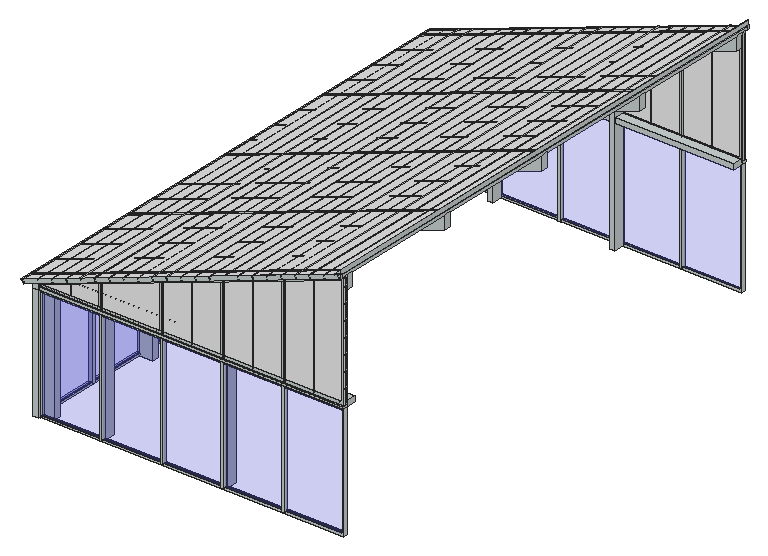
Revit family "Lean-To Shed Enclosure", category Generic Models, Revit 2018
Family settings
  Can host rebar = No
  Round Connector Dimension = Use Diameter
  Part Type = Normal
  Work Plane-Based = No
  Always vertical = Yes
  Cut with Voids When Loaded = No
  Shared = No
  Room Calculation Point = No
Parameters (values of type "KCRF Aluminum #79")
  Real Out To Out Of Box Beams Length [instance] = if(Out To Out Of Box Beam Length < 10' 0", 10' 0", if(Out To Out Of Box Beam Length > 200' 0", 200' 0", Out To Out Of Box Beam Length))  # 32' - 5"
  Out To Out Of Box Beams Span [instance] = 20' - 0"
  Vertical PD [instance] = (Real Out To Out Of Box Beam Span + 0' 9") / cos(Real Roof Pitch)  # 22' - 0.98027"
  URL = "https://www.structuresunlimitedinc.com/sui-3d-details/sui-lean-to-shed-enclosure/"
  Roof Pitch [instance] = 20.00°
  Right Gable Kalwall [instance] = yes
  Right Gable Glass [instance] = no
  Right Endwall Glass [instance] = yes
  Out To Out Of Box Beam Length [instance] = 32' - 5"
  Model = "Lean-To Shed Enclosure"
  Manufacturer = "Structures Unlimited, Inc."
  Left Gable Glass [instance] = no
  Left Endwall Glass [instance] = yes
  Gable Low Height [instance] = 0' - 3 3/4"  # constant formula
  Left Gable Kalwall [instance] = yes
  Real Roof Pitch [instance] = if(Roof Pitch < 14.04°, 14.04°, if(Roof Pitch > 45.00°, 45.00°, Roof Pitch))  # 20.00°
  Panel Offset [instance] = 0' 10" / cos(Real Roof Pitch)  # 0' - 10.64178"
  Real Out To Out Of Box Beam Span [instance] = if(Out To Out Of Box Beams Span < 10' 0", 10' 0", if(Out To Out Of Box Beams Span > 30' 0", 30' 0", Out To Out Of Box Beams Span))  # 20' - 0"
  OTOBB Length [instance] = Center To Center Of Beams + Beam Width  # 32' - 5"
  Number Of Bays Nominal [instance] = round(Center To Center Of Beams / Bay Spacing Nominal)  # 4
  Number Of Bays [instance] = if(Bay Spacing Calc > 10' 0", Number Of Bays Nominal + 1, Number Of Bays Nominal)  # 4
  Wall Height [instance] = Real Column Height - 0' 5 3/4"  # 7' - 6 1/4"
  Right Endwall Kalwall [instance] = no
  Left Endwall Kalwall [instance] = no
  KCRF = KCRF Aluminum #79
  Horizontal PD [instance] = Center To Center Of Beams + Beam Width + 1' 0"  # 33' - 5"
  Horizontal Grid Spacing [instance] = Bay Spacing / 4  # 2' - 0"
  Front Wall Kalwall [instance] = no
  Front Wall Glass [instance] = yes
  Front Glass Spacing [instance] = Bay Spacing / 2  # 4' - 0"
  Even Bays [instance] = roundup(Number Of Bays / 2) = rounddown(Number Of Bays / 2)  # yes
  Description = ""
  Real Column Height [instance] = if(Column Height < 2' 0", 2' 0", if(Column Height > 12' 0", 12' 0", Column Height))  # 8' - 0"
  Center To Center Of Beams [instance] = Real Out To Out Of Box Beams Length - Beam Width  # 32' - 0"
  Column Height [instance] = 8' - 0"
  Beam Width [instance] = 0' - 5"  # constant formula
  Beam Height [instance] = 0' - 10"  # constant formula
  Bay Spacing Nominal [instance] = 8' - 0"  # constant formula
  Bay Spacing Calc [instance] = Center To Center Of Beams / Number Of Bays Nominal  # 8' - 0"
  Bay Spacing [instance] = Center To Center Of Beams / Number Of Bays  # 8' - 0"
Reference planes (in)
  plane 1 "Center (Front/Back)": y = 0
  plane 2: z = 0
  plane 3 "Wall Plane": x = 0
  plane 4: y = -194.5
  plane 5: y = 194.5
  plane 6: x = -240
  plane 7: z = 96
  plane 8 "Roof Plane": through (-528.70083, -180, 79.10162) normal (-0.342, 0, 0.9397)
Lines and regions (in)
  reference lines
    curve 1: line (-240, 0, 96) -> (972.20348, 0, 537.20598)
    curve 2: line (-240, 0, 96) -> (-463.68117, 0, 710.55897)
    curve 3: line (-229.38059, 0, 35.70894) -> (-543.35508, 0, 898.34676)
Dimensions and locks (in)
  equal spacing: plane 5, plane 1 "Center (Front/Back)", plane 4
  "OTOBB Length": plane 5 to plane 4
  "Real Out To Out Of Box Beam Span": plane 6 to plane 3 "Wall Plane"
  "Real Column Height": plane 7 to plane 2
  locked: curve 1 to plane 6
  locked: curve 1 to plane 7
  "Panel Offset": curve 2 to curve 3
  "Gable Low Height": plane 7 to nested 8
  "Gable Low Height": plane 7 to nested 7
  "Gable Low Height": plane 7 to nested 13
  "Gable Low Height": plane 7 to nested 12
  "Real Roof Pitch": angle plane 2 to plane 8 "Roof Plane"
  "Real Roof Pitch": angle plane 2 to curve 1
  "Real Roof Pitch": angle plane 3 "Wall Plane" to curve 2
  "Real Roof Pitch": angle plane 3 "Wall Plane" to curve 3
  aligned and locked: level to plane 2
  aligned and locked: plane 1 "Center (Front/Back)" to nested 1
  aligned and locked: plane 3 "Wall Plane" to nested 1
  aligned and locked: plane 2 to nested 1
  aligned and locked: plane 1 "Center (Front/Back)" to nested 2
  aligned and locked: plane 7 to nested 2
  aligned and locked: plane 6 to nested 2
  aligned and locked: plane 1 "Center (Front/Back)" to nested 3
  aligned and locked: plane 3 "Wall Plane" to nested 3
  aligned and locked: plane 2 to nested 3
  aligned and locked: nested 4 to plane 1 "Center (Front/Back)"
  aligned and locked: plane 3 "Wall Plane" to nested 4
  aligned and locked: plane 2 to nested 4
  aligned and locked: plane 1 "Center (Front/Back)" to nested 5
  aligned and locked: nested 5 to curve 3
  aligned and locked: nested 5 to curve 1
  aligned and locked: plane 1 "Center (Front/Back)" to nested 6
  aligned and locked: plane 3 "Wall Plane" to nested 6
  aligned and locked: plane 2 to nested 6
  aligned and locked: plane 3 "Wall Plane" to nested 7
  aligned and locked: plane 3 "Wall Plane" to nested 8
  aligned and locked: nested 7 to plane 4
  aligned and locked: nested 8 to plane 5
  aligned and locked: plane 3 "Wall Plane" to nested 9
  aligned and locked: plane 3 "Wall Plane" to nested 10
  aligned and locked: nested 9 to plane 2
  aligned and locked: nested 10 to plane 2
  aligned and locked: nested 9 to plane 5
  aligned and locked: nested 10 to plane 4
  aligned and locked: nested 11 to plane 1 "Center (Front/Back)"
  aligned and locked: nested 11 to plane 2
  aligned and locked: plane 6 to nested 11
  aligned and locked: plane 3 "Wall Plane" to nested 13
  aligned and locked: plane 3 "Wall Plane" to nested 12
  aligned and locked: nested 13 to plane 5
  aligned and locked: nested 12 to plane 4
  aligned and locked: plane 3 "Wall Plane" to nested 14
  aligned and locked: plane 3 "Wall Plane" to nested 15
  aligned and locked: nested 15 to plane 2
  aligned and locked: nested 14 to plane 2
  aligned and locked: nested 14 to plane 5
  aligned and locked: nested 15 to plane 4
  aligned and locked: nested 16 to level
  aligned and locked: nested 16 to plane 1 "Center (Front/Back)"
  aligned and locked: plane 6 to nested 16
  aligned and locked: plane 1 "Center (Front/Back)" to nested 17
  aligned and locked: plane 3 "Wall Plane" to nested 17
  aligned and locked: plane 2 to nested 17
Automatic sketch dimensions
  level to curve 3 = 2' - 11.70894"
Nested families (in)
  nested 1: "Lean-To Shed Enclosure Frames" at (0, 0, 0), KCRF <- "KCRF", Bay Spacing <- "Bay Spacing", Beam Height <- "Beam Height", Beam Width <- "Beam Width", Column Height <- "Real Column Height", OTOBB Length <- "OTOBB Length", OTOBB Span <- "Real Out To Out Of Box Beam Span", Roof Pitch <- "Real Roof Pitch", Even Bays <- "Even Bays", type "Lean-To Shed Enclosure Frames"
    with Void Width 7' - 7", Void Offset 4' - 0", Roof Pitch 20.00°, OTOBB Span 20' - 0", OTOBB Length 32' - 5", KCRF KCRF Aluminum #79, Even Bays yes, Column Height 8' - 0", Beam Width 0' - 5", Beam Height 0' - 10", Bay Spacing 8' - 0"
  nested 2: "Lean-To Shed Enclosure Eave Strut" at (-244, 0, 90.25), CRF <- "KCRF", OTOBB Length <- "OTOBB Length", Roof Pitch <- "Real Roof Pitch", type "Lean-To Shed Enclosure Eave Strut"
    with Width 0' - 4", Strut Length 33' - 1", Roof Pitch 20.00°, OTOBB Length 32' - 5", CRF KCRF Aluminum #79, Back Leg Height 0' - 5 3/4"
  nested 3: "Lean-To Shed Enclosure Horizontal Beams" at (0, 0, 0), CRF <- "KCRF", Column Depth <- "Beam Height", Column Height <- "Real Column Height", Column Width <- "Beam Width", OTOBB Length <- "OTOBB Length", OTOBB Span <- "Real Out To Out Of Box Beam Span", Roof Pitch <- "Real Roof Pitch", type "Lean-To Shed Enclosure Horizontal Beams"
    with Tube Width 0' - 2", Tube Height 0' - 4", Strut Width 0' - 4", Roof Pitch 20.00°, OTOBB Span 20' - 0", OTOBB Length 32' - 5", Eave Strut Height 0' - 5 3/4", Column Width 0' - 5", Column Height 8' - 0", Column Depth 0' - 10", CRF KCRF Aluminum #79, Beam Width 0' - 4", Beam Height 0' - 8"
  nested 4: "Lean-To Shed Enclosure Ridge Cover" at (0, 0, 0) x (0, 1, 0) z (0, 0, 1), OTOBB Length <- "OTOBB Length", OTOBB Span <- "Real Out To Out Of Box Beam Span", Roof Pitch <- "Real Roof Pitch", CRF <- "KCRF", Cope Height <- "Real Column Height", type "Lean-To Shed Enclosure Ridge Cover"
    with Top Of Rafter 15' - 3.35286", Top Of RCE 0' - 6.12655", Roof Pitch 20.00°, RCE Offset 0' - 4.0651", OTOBB Span 20' - 0", OTOBB Length 32' - 5", Cover Length 33' - 5", Cope Height 8' - 0", CRF KCRF Aluminum #79
  nested 5: "Lean-To Shed Enclosure Roof Panels" at (-250, 0, 92.3603) x (0, -1, 0) z (-0.342, 0, 0.9397), CRF <- "KCRF", Bay Spacing <- "Bay Spacing", Horizontal Grid Spacing <- "Horizontal Grid Spacing", Horizontal PD <- "Horizontal PD", Vertical PD <- "Vertical PD", Even Bays <- "Even Bays", type "Lean-To Shed Enclosure Roof Panels"
    with Vertical PD 22' - 0.98027", Vertical Grid Spacing 1' - 0", Panel Skin Thickness 0' - 0.063", Panel Angle 90.00°, Overlap Width 0' - 1 3/4", Overlap Offset 0' - 0 7/8", IBeam Width 0' - 0 1/2", IBeam Thickness 0' - 2 5/8", Horizontal PD 33' - 5", Horizontal Grid Spacing 2' - 0", Half IBeam Width 0' - 0 1/4", Half Horizontal PD 16' - 8 1/2", Grid Offset 0' - 0", Even Bays yes, CRF KCRF Aluminum #79, Bay Spacing 8' - 0", Batten Width 0' - 2", Batten Thickness 0' - 0 1/8", Batten Offset 0' - 0"
  nested 6: "Lean-To Shed Enclosure Edge Cap" at (0, 0, 0), CRF <- "KCRF", Length <- "Horizontal PD", OTOBB Span <- "Real Out To Out Of Box Beam Span", Roof Pitch <- "Real Roof Pitch", Vertical Offset <- "Real Column Height", type "Lean-To Shed Enclosure Edge Cap"
    with Vertical Offset 8' - 0", Thickness 0' - 0 1/8", Span 8' - 4", Roof Pitch 20.00°, Panel Offset 0' - 10.76678", Panel Depth 0' - 2 3/4", OTOBB Span 20' - 0", Length 33' - 5", Leg Length 0' - 0 1/2", Fake OCD Span 16' - 0", CRF KCRF Aluminum #79
  nested 7: "Lean-To Shed Enclosure Gable Panels" at (-720, -194.5, 92.25) x (1, 0, 0) z (0, -1, 0), CRF <- "KCRF", Cope Height <- "Gable Low Height", Horizontal PD <- "Real Out To Out Of Box Beam Span", Roof Pitch <- "Real Roof Pitch", visible <- "Left Gable Kalwall", type "Lean-To Shed Enclosure Gable Panels"
    with Vertical Grid Spacing 1' - 0", Roof Pitch 20.00°, Panel Skin Thickness 0' - 0.063", Overlap Width 0' - 1 3/4", Overlap Offset 0' - 0 7/8", IBeam Width 0' - 0 1/2", IBeam Thickness 0' - 2 5/8", Horizontal PD 20' - 0", Horizontal Grid Spacing 2' - 0", Half IBeam Width 0' - 0 1/4", Half Horizontal PD 10' - 0", Cope Height 0' - 3 3/4", CRF KCRF Aluminum #79, Bay Spacing 8' - 0", Batten Width 0' - 2", Batten Thickness 0' - 0 1/8"
  nested 8: "Lean-To Shed Enclosure Gable Panels" at (-720, 197.251, 92.25) x (1, 0, 0) z (0, -1, 0), CRF <- "KCRF", Cope Height <- "Gable Low Height", Horizontal PD <- "Real Out To Out Of Box Beam Span", Roof Pitch <- "Real Roof Pitch", visible <- "Right Gable Kalwall", type "Lean-To Shed Enclosure Gable Panels"
    with Vertical Grid Spacing 1' - 0", Roof Pitch 20.00°, Panel Skin Thickness 0' - 0.063", Overlap Width 0' - 1 3/4", Overlap Offset 0' - 0 7/8", IBeam Width 0' - 0 1/2", IBeam Thickness 0' - 2 5/8", Horizontal PD 20' - 0", Horizontal Grid Spacing 2' - 0", Half IBeam Width 0' - 0 1/4", Half Horizontal PD 10' - 0", Cope Height 0' - 3 3/4", CRF KCRF Aluminum #79, Bay Spacing 8' - 0", Batten Width 0' - 2", Batten Thickness 0' - 0 1/8"
  nested 9: "Lean-To Shed Enclosure Endwall Panels" at (-720, 197.251, 0) x (1, 0, 0) z (0, -1, 0), CRF <- "KCRF", Cope Height <- "Wall Height", Horizontal PD <- "Real Out To Out Of Box Beam Span", visible <- "Right Endwall Kalwall", type "Lean-To Shed Enclosure Endwall Panels"
    with Vertical Grid Spacing 1' - 0", Roof Pitch 0.00°, Panel Skin Thickness 0' - 0.063", Overlap Width 0' - 1 3/4", Overlap Offset 0' - 0 7/8", IBeam Width 0' - 0 1/2", IBeam Thickness 0' - 2 5/8", Horizontal PD 20' - 0", Horizontal Grid Spacing 2' - 0", Half IBeam Width 0' - 0 1/4", Half Horizontal PD 10' - 0", Cope Height 7' - 6 1/4", CRF KCRF Aluminum #79, Bay Spacing 8' - 0", Batten Width 0' - 2", Batten Thickness 0' - 0 1/8"
  nested 10: "Lean-To Shed Enclosure Endwall Panels" at (-720, -194.5, 0) x (1, 0, 0) z (0, -1, 0), CRF <- "KCRF", Cope Height <- "Wall Height", Horizontal PD <- "Real Out To Out Of Box Beam Span", visible <- "Left Endwall Kalwall", type "Lean-To Shed Enclosure Endwall Panels"
    with Vertical Grid Spacing 1' - 0", Roof Pitch 0.00°, Panel Skin Thickness 0' - 0.063", Overlap Width 0' - 1 3/4", Overlap Offset 0' - 0 7/8", IBeam Width 0' - 0 1/2", IBeam Thickness 0' - 2 5/8", Horizontal PD 20' - 0", Horizontal Grid Spacing 2' - 0", Half IBeam Width 0' - 0 1/4", Half Horizontal PD 10' - 0", Cope Height 7' - 6 1/4", CRF KCRF Aluminum #79, Bay Spacing 8' - 0", Batten Width 0' - 2", Batten Thickness 0' - 0 1/8"
  nested 11: "Lean-To Shed Enclosure Front Wall Panels" at (-242.751, 0, 0) x (0, 1, 0) z (1, 0, 0), visible <- "Front Wall Kalwall", Bay Spacing <- "Bay Spacing", Horizontal PD <- "OTOBB Length", Vertical PD <- "Wall Height", CRF <- "KCRF", type "Lean-To Shed Enclosure Front Wall Panels"
    with Vertical PD 7' - 6 1/4", Vertical Grid Spacing 1' - 0", Panel Skin Thickness 0' - 0.063", Panel Angle 90.00°, Overlap Width 0' - 1 3/4", Overlap Offset 0' - 0 7/8", IBeam Width 0' - 0 1/2", IBeam Thickness 0' - 2 5/8", Horizontal PD 32' - 5", Horizontal Grid Spacing 2' - 0", Half IBeam Width 0' - 0 1/4", Half Horizontal PD 16' - 2 1/2", CRF KCRF Aluminum #79, Bay Spacing 8' - 0", Batten Width 0' - 2", Batten Thickness 0' - 0 1/8", Batten Offset 4' - 0"
  nested 12: "Lean-To Shed Enclosure Gable Glass" at (0, -194.5, 92.25) x (1, 0, 0) z (0, -1, 0), CRF <- "KCRF", Roof Pitch <- "Real Roof Pitch", Overall Width <- "Real Out To Out Of Box Beam Span", Low Height <- "Gable Low Height", visible <- "Left Gable Glass", type "Lean-To Shed Enclosure Gable Glass"
    with Spacing 4' - 0", Roof Pitch 20.00°, Perimeter Width 0' - 2 3/4", Overall Width 20' - 0", Mullion Width 0' - 1 3/4", Low Height 0' - 3 3/4", Glass Thickness 0' - 0 5/8", Glass Offset 0' - 1 1/16", Glass Glass, CRF KCRF Aluminum #79
  nested 13: "Lean-To Shed Enclosure Gable Glass" at (0, 197.25, 92.25) x (1, 0, 0) z (0, -1, 0), CRF <- "KCRF", Roof Pitch <- "Real Roof Pitch", Overall Width <- "Real Out To Out Of Box Beam Span", Low Height <- "Gable Low Height", visible <- "Right Gable Glass", type "Lean-To Shed Enclosure Gable Glass"
    with Spacing 4' - 0", Roof Pitch 20.00°, Perimeter Width 0' - 2 3/4", Overall Width 20' - 0", Mullion Width 0' - 1 3/4", Low Height 0' - 3 3/4", Glass Thickness 0' - 0 5/8", Glass Offset 0' - 1 1/16", Glass Glass, CRF KCRF Aluminum #79
  nested 14: "Lean-To Shed Enclosure Endwall Glass" at (0, 197.25, 0) x (1, 0, 0) z (0, -1, 0), CRF <- "KCRF", Overall Width <- "Real Out To Out Of Box Beam Span", Low Height <- "Wall Height", visible <- "Right Endwall Glass", type "Lean-To Shed Enclosure Endwall Glass"
    with Spacing 4' - 0", Roof Pitch 0.00°, Perimeter Width 0' - 2 3/4", Overall Width 20' - 0", Mullion Width 0' - 1 3/4", Low Height 7' - 6 1/4", Glass Thickness 0' - 0 5/8", Glass Offset 0' - 1 1/16", Glass Glass, CRF KCRF Aluminum #79
  nested 15: "Lean-To Shed Enclosure Endwall Glass" at (0, -194.5, 0) x (1, 0, 0) z (0, -1, 0), CRF <- "KCRF", Overall Width <- "Real Out To Out Of Box Beam Span", Low Height <- "Wall Height", visible <- "Left Endwall Glass", type "Lean-To Shed Enclosure Endwall Glass"
    with Spacing 4' - 0", Roof Pitch 0.00°, Perimeter Width 0' - 2 3/4", Overall Width 20' - 0", Mullion Width 0' - 1 3/4", Low Height 7' - 6 1/4", Glass Thickness 0' - 0 5/8", Glass Offset 0' - 1 1/16", Glass Glass, CRF KCRF Aluminum #79
  nested 16: "Lean-To Shed Enclosure Front Wall Glass" at (-242.75, 0, 0) x (0, 1, 0) z (1, 0, 0), CRF <- "KCRF", Overall Width <- "OTOBB Length", Overall Height <- "Wall Height", Spacing <- "Front Glass Spacing", visible <- "Front Wall Glass", type "Lean-To Shed Enclosure Front Wall Glass"
    with Spacing 4' - 0", Perimeter Width 0' - 2 3/4", Overall Width 32' - 5", Overall Height 7' - 6 1/4", Mullion Width 0' - 1 3/4", Mullion Offset 0' - 0", Glass Thickness 0' - 0 5/8", Glass Offset 0' - 1 1/16", Glass Glass, CRF KCRF Aluminum #79
  nested 17: "Lean-To Shed Enclosure End Columns" at (0, 0, 0), CRF <- "KCRF", Beam Height <- "Beam Height", Beam Width <- "Beam Width", CTR2CTR Beams <- "Center To Center Of Beams", Column Height <- "Real Column Height", Roof Pitch <- "Real Roof Pitch", Wall To OBB <- "Real Out To Out Of Box Beam Span", type "Lean-To Shed Enclosure End Columns"
    with Wall To OBB 20' - 0", Void Width 7' - 8", Roof Pitch 20.00°, OTOBB Length 32' - 5", Number Of Full Bays 2, Last Void Width 0' - 10", Last Bay Space 4' - 0", Half Column Width 0' - 2", Half Bay Space 4' - 0", Column Width 0' - 4", Column Height 8' - 0", Column Depth 0' - 8", CTR2CTR Beams 32' - 0", CRF KCRF Aluminum #79, Beam Width 0' - 5", Beam Height 0' - 10", Bay Spacing 8' - 0"
Definition of nested family "Lean-To Shed Enclosure Frames"
  Parameters (values of type "Lean-To Shed Enclosure Frames")
    Void Width [instance] = Bay Spacing - Beam Width  # 7' - 7"
    Void Offset [instance] = if(Even Bays, Bay Spacing / 2, 0' 0")  # 0' - 0"
    Roof Pitch [instance] = 20.00°
    OTOBB Span [instance] = 15' - 0"
    OTOBB Length [instance] = 29' - 7"
    KCRF [instance] = none
    Even Bays [instance] = no
    Column Height [instance] = 8' - 0"
    Beam Width [instance] = 0' - 5"
    Beam Height [instance] = 0' - 10"
    Bay Spacing [instance] = 8' - 0"
  Reference planes (in)
    plane 1 "Center (Front/Back)": y = 0
    plane 2: z = 0
    plane 3 "Center (Left/Right)": x = 0
    plane 4: y = -177.5
    plane 5: y = 177.5
    plane 6: y = 0
    plane 7: y = 0
    plane 8: y = 96
    plane 9: y = -96
    plane 10: y = 192
    plane 11: y = 288
    plane 12: y = -192
    plane 13: y = -288
    plane 14: y = 384
    plane 15: y = 480
    plane 16: y = 576
    plane 17: y = 672
    plane 18: y = 768
    plane 19: y = 864
    plane 20: y = 960
    plane 21: y = 1056
    plane 22: y = 1248
    plane 23: y = 1152
    plane 24: y = 1344
    plane 25: y = 1440
    plane 26: y = 1536
    plane 27: y = 1632
    plane 28: y = 1728
    plane 29: y = -384
    plane 30: y = -480
    plane 31: y = -576
    plane 32: y = -672
    plane 33: y = -768
    plane 34: y = -864
    plane 35: y = -960
    plane 36: y = -1056
    plane 37: y = -1152
    plane 38: y = -1248
    plane 39: y = -1344
    plane 40: y = -1440
    plane 41: y = -1536
    plane 42: y = -1728
    plane 43: y = -1632
    plane 44: x = -2500
    plane 45: x = 2500
    plane 46: y = -1824
    plane 47: y = -1920
    plane 48: y = -2016
    plane 49: y = -2112
    plane 50: y = -2208
    plane 51: y = 1824
    plane 52: y = 1920
    plane 53: y = 2016
    plane 54: y = 2112
    plane 55: y = 2208
    plane 56: z = 1000
    plane 57: x = -180
    plane 58: z = 96
    plane 59: x = -170
  Forms (in)
    Sweep 1, void
      path origin (0, 0, 0) x (1, 0, 0) y (0, 1, 0)
        loop
          line (2500, -2208) -> (-2500, -2208) -> (-2500, -2112) -> (2500, -2112) -> (2500, -2016) -> (-2500, -2016) -> (-2500, -1920) -> (2500, -1920) -> (2500, -1824) -> (-2500, -1824) -> (-2500, -1728) -> (2500, -1728) -> (2500, -1632) -> (-2500, -1632) -> (-2500, -1536) -> (2500, -1536) -> (2500, -1440) -> (-2500, -1440) -> (-2500, -1344) -> (2500, -1344) -> (2500, -1248) -> (-2500, -1248) -> (-2500, -1152) -> (2500, -1152) -> (2500, -1056) -> (-2500, -1056) -> (-2500, -960) -> (2500, -960) -> (2500, -864) -> (-2500, -864) -> (-2500, -768) -> (2500, -768) -> (2500, -672) -> (-2500, -672) -> (-2500, -576) -> (2500, -576) -> (2500, -480) -> (-2500, -480) -> (-2500, -384) -> (2500, -384) -> (2500, -288) -> (-2500, -288) -> (-2500, -192) -> (2500, -192) -> (2500, -96) -> (-2500, -96) -> (-2500, 0) -> (2500, 0)
      profile origin (0, 0, 0) x (0, 1, 0) y (0, 0, 1)
        loop
          line (45.5, 1000) -> (-45.5, 1000) -> (-45.5, 0) -> (45.5, 0) -> (45.5, 1000)
    Sweep 2, void
      path origin (0, 0, 0) x (1, 0, 0) y (0, 1, 0)
        loop
          line (2500, 2208) -> (-2500, 2208) -> (-2500, 2112) -> (2500, 2112) -> (2500, 2016) -> (-2500, 2016) -> (-2500, 1920) -> (2500, 1920) -> (2500, 1824) -> (-2500, 1824) -> (-2500, 1728) -> (2500, 1728) -> (2500, 1632) -> (-2500, 1632) -> (-2500, 1536) -> (2500, 1536) -> (2500, 1440) -> (-2500, 1440) -> (-2500, 1344) -> (2500, 1344) -> (2500, 1248) -> (-2500, 1248) -> (-2500, 1152) -> (2500, 1152) -> (2500, 1056) -> (-2500, 1056) -> (-2500, 960) -> (2500, 960) -> (2500, 864) -> (-2500, 864) -> (-2500, 768) -> (2500, 768) -> (2500, 672) -> (-2500, 672) -> (-2500, 576) -> (2500, 576) -> (2500, 480) -> (-2500, 480) -> (-2500, 384) -> (2500, 384) -> (2500, 288) -> (-2500, 288) -> (-2500, 192) -> (2500, 192) -> (2500, 96) -> (-2500, 96) -> (-2500, 0) -> (2500, 0)
      profile origin (0, 0, 0) x (0, 1, 0) y (0, 0, 1)
        loop
          line (-45.5, 0) -> (45.5, 0) -> (45.5, 1000) -> (-45.5, 1000) -> (-45.5, 0)
    Extrusion 3, solid, material <- "KCRF"
      sketch origin (0, 0, 0) x (1, 0, 0) y (0, 0, 1)
        loop
          line (-170, 0) -> (-170, 88.99792) -> (0, 150.87286) -> (0, 161.51464) -> (-180, 96) -> (-180, 0) -> (-170, 0)
      from -177.5 to 177.5
  Cuts and joins
    Sweep 1, Sweep 2 cuts Extrusion 3
  Lines and regions (in)
    reference lines
      curve 1: line (-180, 0, 96) -> (355.62479, 0, 290.95148)
      curve 2: line (-352.92969, 0, 22.41696) -> (199.60957, 0, 223.52481)
  Dimensions and locks (in)
    "Void Offset": plane 1 "Center (Front/Back)" to plane 7
    "Void Offset": plane 6 to plane 1 "Center (Front/Back)"
    "Bay Spacing": plane 11 to plane 10 to plane 8 to plane 7
    "Bay Spacing": plane 6 to plane 9 to plane 12 to plane 13
    "Bay Spacing": plane 42 to plane 43 to plane 41 to plane 40 to plane 39 to plane 38 to plane 37 to plane 36 to plane 35 to plane 34 to plane 33 to plane 32 to plane 31 to plane 30 to plane 29 to plane 13
    "Bay Spacing": plane 11 to plane 14 to plane 15 to plane 16 to plane 17 to plane 18 to plane 19 to plane 20 to plane 21 to plane 23
    "Bay Spacing": plane 23 to plane 22 to plane 24 to plane 25 to plane 26 to plane 27 to plane 28
    "Bay Spacing": plane 50 to plane 49 to plane 48 to plane 47 to plane 46 to plane 42
    "Bay Spacing": plane 55 to plane 54 to plane 53 to plane 52 to plane 51 to plane 28
    equal spacing: plane 44, plane 3 "Center (Left/Right)", plane 45
    locked: plane 44 to plane 3 "Center (Left/Right)" at 2500
    equal spacing: Sweep 1 sketch curve, profile plane, Sweep 1 sketch curve
    "Void Width": Sweep 1 sketch curve to Sweep 1 sketch curve
    locked: plane 56 to plane 2 at 1000
    equal spacing: Sweep 2 sketch curve, profile plane, Sweep 2 sketch curve
    "Void Width": Sweep 2 sketch curve to Sweep 2 sketch curve
    "Column Height": plane 58 to plane 2
    locked: curve 1 to plane 58 at 0
    locked: curve 1 to plane 57 at 0
    "Beam Height": curve 2 to curve 1
    "Beam Height": plane 59 to plane 57
    equal spacing: plane 5, plane 1 "Center (Front/Back)", plane 4
    "OTOBB Length": plane 5 to plane 4
    "OTOBB Span": plane 57 to plane 3 "Center (Left/Right)"
    "Roof Pitch": angle plane 2 to curve 2
    "Roof Pitch": angle plane 2 to curve 1
    aligned and locked: plane 2 to level
    aligned and locked: Sweep 1 sketch curve to plane 6
    aligned and locked: Sweep 1 sketch curve to plane 9
    aligned and locked: Sweep 1 sketch curve to plane 12
    aligned and locked: Sweep 1 sketch curve to plane 13
    aligned and locked: Sweep 1 sketch curve to plane 29
    aligned and locked: Sweep 1 sketch curve to plane 30
    aligned and locked: Sweep 1 sketch curve to plane 31
    aligned and locked: Sweep 1 sketch curve to plane 32
    aligned and locked: Sweep 1 sketch curve to plane 33
    aligned and locked: Sweep 1 sketch curve to plane 34
    aligned and locked: Sweep 1 sketch curve to plane 35
    aligned and locked: Sweep 1 sketch curve to plane 36
    aligned and locked: Sweep 1 sketch curve to plane 37
    aligned and locked: Sweep 1 sketch curve to plane 38
    aligned and locked: Sweep 1 sketch curve to plane 39
    aligned and locked: Sweep 1 sketch curve to plane 40
    aligned and locked: Sweep 1 sketch curve to plane 41
    aligned and locked: Sweep 1 sketch curve to plane 43
    aligned and locked: Sweep 1 sketch curve to plane 42
    aligned and locked: Sweep 1 sketch curve to plane 46
    aligned and locked: Sweep 1 sketch curve to plane 47
    aligned and locked: Sweep 1 sketch curve to plane 48
    aligned and locked: Sweep 1 sketch curve to plane 49
    aligned and locked: Sweep 1 sketch curve to plane 50
    aligned and locked: Sweep 1 sketch curve to plane 44  (x12)
    aligned and locked: plane 45 to Sweep 1 sketch curve  (x2)
    aligned and locked: Sweep 1 sketch curve to plane 45  (x11)
    aligned and locked: profile plane to Sweep 1 sketch curve
    aligned and locked: Sweep 1 sketch curve to plane 56
    aligned and locked: Sweep 2 sketch curve to plane 7
    aligned and locked: Sweep 2 sketch curve to plane 8
    aligned and locked: Sweep 2 sketch curve to plane 10
    aligned and locked: Sweep 2 sketch curve to plane 11
    aligned and locked: Sweep 2 sketch curve to plane 14
    aligned and locked: Sweep 2 sketch curve to plane 15
    aligned and locked: Sweep 2 sketch curve to plane 16
    aligned and locked: Sweep 2 sketch curve to plane 17
    aligned and locked: Sweep 2 sketch curve to plane 18
    aligned and locked: Sweep 2 sketch curve to plane 19
    aligned and locked: Sweep 2 sketch curve to plane 20
    aligned and locked: Sweep 2 sketch curve to plane 21
    aligned and locked: Sweep 2 sketch curve to plane 23
    aligned and locked: Sweep 2 sketch curve to plane 22
    aligned and locked: Sweep 2 sketch curve to plane 24
    aligned and locked: Sweep 2 sketch curve to plane 25
    aligned and locked: Sweep 2 sketch curve to plane 26
    aligned and locked: Sweep 2 sketch curve to plane 27
    aligned and locked: Sweep 2 sketch curve to plane 28
    aligned and locked: Sweep 2 sketch curve to plane 51
    aligned and locked: Sweep 2 sketch curve to plane 52
    aligned and locked: Sweep 2 sketch curve to plane 53
    aligned and locked: Sweep 2 sketch curve to plane 54
    aligned and locked: Sweep 2 sketch curve to plane 55
    aligned and locked: plane 44 to Sweep 2 sketch curve  (x12)
    aligned and locked: plane 45 to Sweep 2 sketch curve  (x13)
    aligned and locked: Sweep 2 sketch curve to profile plane
    aligned and locked: plane 56 to Sweep 2 sketch curve
    aligned and locked: Extrusion 3 to plane 4
    aligned and locked: Extrusion 3 to plane 5
    aligned and locked: plane 57 to Extrusion 3 sketch curve
    aligned and locked: Extrusion 3 sketch curve to curve 1
    aligned and locked: Extrusion 3 sketch curve to plane 2
    aligned and locked: plane 59 to Extrusion 3 sketch curve
    aligned and locked: curve 2 to Extrusion 3 sketch curve
    aligned and locked: Extrusion 3 sketch curve to plane 3 "Center (Left/Right)"
  Automatic sketch dimensions
    level to curve 2 = 1' - 10.41696"
Definition of nested family "Lean-To Shed Enclosure Eave Strut"
  Parameters (values of type "Lean-To Shed Enclosure Eave Strut")
    Width [instance] = 0' - 4"  # constant formula
    Strut Length [instance] = OTOBB Length + 0' 8"  # 17' - 4"
    Roof Pitch [instance] = 45.00°
    OTOBB Length [instance] = 16' - 8"
    CRF [instance] = none
    Back Leg Height [instance] = 0' - 5 3/4"  # constant formula
  Reference planes (in)
    plane 1 "Center (Front/Back)": y = 0
    plane 2: z = 0
    plane 3 "Center (Left/Right)": x = 0
    plane 4: y = 104
    plane 5: y = -104
    plane 6: x = 0
    plane 7: x = 4
    plane 8: z = 5.75
    plane 9: z = 0
  Forms (in)
    Extrusion 1, solid, material <- "CRF"
      sketch origin (0, 0, 0) x (1, 0, 0) y (0, 0, 1)
        loop
          line (4, 5.75) -> (0, 1.75) -> (0, 0) -> (4, 0) -> (4, 5.75)
      from -104 to 104
  Lines and regions (in)
    reference lines
      curve 1: line (4, 0, 5.75) -> (0, 0, 1.75)
  Dimensions and locks (in)
    equal spacing: plane 4, plane 1 "Center (Front/Back)", plane 5
    "Strut Length": plane 4 to plane 5
    "Width": plane 6 to plane 7
    "Back Leg Height": plane 8 to plane 2
    locked: plane 7 to curve 1
    locked: plane 8 to curve 1
    locked: curve 1 to plane 6 at 0
    locked: plane 3 "Center (Left/Right)" to plane 6 at 0
    "Roof Pitch": angle plane 2 to curve 1
    aligned and locked: plane 2 to level
    aligned and locked: Extrusion 1 sketch curve to plane 7
    aligned and locked: Extrusion 1 sketch curve to curve 1
    aligned and locked: plane 6 to Extrusion 1 sketch curve
    aligned and locked: plane 2 to Extrusion 1 sketch curve
    aligned and locked: plane 2 to plane 9
    aligned and locked: plane 4 to Extrusion 1
    aligned and locked: Extrusion 1 to plane 5
Definition of nested family "Lean-To Shed Enclosure Horizontal Beams"
  Parameters (values of type "Lean-To Shed Enclosure Horizontal Beams")
    Tube Width [instance] = 0' - 2"  # constant formula
    Tube Height [instance] = 0' - 4"  # constant formula
    Strut Width [instance] = 0' - 4"  # constant formula
    Roof Pitch [instance] = 20.00°
    OTOBB Span [instance] = 10' - 0"
    OTOBB Length [instance] = 16' - 8"
    Eave Strut Height [instance] = 0' - 5 3/4"  # constant formula
    Column Width [instance] = 0' - 6"
    Column Height [instance] = 8' - 0"
    Column Depth [instance] = 1' - 1"
    CRF [instance] = none
    Beam Width [instance] = 0' - 4"  # constant formula
    Beam Height [instance] = 0' - 8"  # constant formula
  Reference planes (in)
    plane 1 "Center (Front/Back)": y = 0
    plane 2: z = 0
    plane 3 "Center (Left/Right)": x = 0
    plane 4: x = -124
    plane 5: y = -104
    plane 6: y = 104
    plane 7: y = -100
    plane 8: y = 100
    plane 9: z = 96
    plane 10: x = -120
    plane 11: z = 90.25
    plane 12: z = 94.25
    plane 13: y = 92
    plane 14: y = -92
    plane 15: x = -107
    plane 16: y = -94
    plane 17: y = 94
    plane 18: z = 92.25
  Forms (in)
    Extrusion 1, solid, material <- "CRF"
      sketch origin (0, 0, 0) x (0, 1, 0) y (0, 0, 1)
        loop
          line (100, 90.25) -> (100, 94.25) -> (92, 94.25) -> (92, 90.25) -> (100, 90.25)
      from -120 to 0
    Extrusion 2, solid, material <- "CRF"
      sketch origin (0, 0, 0) x (0, 1, 0) y (0, 0, 1)
        loop
          line (-92, 90.25) -> (-92, 94.25) -> (-100, 94.25) -> (-100, 90.25) -> (-92, 90.25)
      from -120 to 0
    Extrusion 3, void
      sketch origin (0, 0, 0) x (1, 0, 0) y (0, 0, 1)
        loop
          line (-107, 0) -> (-107, 86.8973) -> (0, 125.84212) -> (0, 139.67643) -> (-120, 96) -> (-120, 0) -> (-107, 0)
      from 94 to 104
    Extrusion 4, void
      sketch origin (0, 0, 0) x (1, 0, 0) y (0, 0, 1)
        loop
          line (-120, 0) -> (-107, 0) -> (-107, 86.8973) -> (0, 125.84212) -> (0, 139.67643) -> (-120, 96) -> (-120, 0)
      from -104 to -94
    Extrusion 5, solid, material <- "CRF"
      sketch origin (0, 0, 0) x (0, 1, 0) y (0, 0, 1)
        loop
          line (-100, 90.25) -> (-100, 92.25) -> (-104, 92.25) -> (-104, 90.25) -> (-100, 90.25)
      from -120 to 0
    Extrusion 6, solid, material <- "CRF"
      sketch origin (0, 0, 0) x (0, 1, 0) y (0, 0, 1)
        loop
          line (104, 92.25) -> (100, 92.25) -> (100, 90.25) -> (104, 90.25) -> (104, 92.25)
      from -120 to 0
    Extrusion 7, solid, material <- "CRF"
      sketch origin (0, 0, 0) x (1, 0, 0) y (0, 1, 0)
        loop
          line (-120, 100) -> (-120, 104) -> (-124, 104) -> (-124, 100) -> (-120, 100)
      from 0 to 90.25
    Extrusion 8, solid, material <- "CRF"
      sketch origin (0, 0, 0) x (1, 0, 0) y (0, 1, 0)
        loop
          line (-124, -104) -> (-120, -104) -> (-120, -100) -> (-124, -100) -> (-124, -104)
      from 0 to 90.25
  Cuts and joins
    Extrusion 3 cuts Extrusion 2
    Extrusion 4 cuts Extrusion 1
  Lines and regions (in)
    reference lines
      curve 1: line (-120, 0, 96) -> (144.99332, 0, 192.44968)
      curve 2: line (-147.2765, 0, 72.23786) -> (130.87252, 0, 173.47582)
  Dimensions and locks (in)
    "OTOBB Span": plane 10 to plane 3 "Center (Left/Right)"
    "Tube Height": plane 6 to plane 8
    "Tube Height": plane 7 to plane 5
    "Column Height": plane 9 to plane 2
    "Strut Width": plane 4 to plane 10
    "Eave Strut Height": plane 9 to plane 11
    "Beam Width": plane 12 to plane 11
    "Beam Height": plane 8 to plane 13
    "Beam Height": plane 14 to plane 7
    locked: plane 10 to curve 1
    locked: curve 1 to plane 9
    "Column Depth": curve 2 to curve 1
    "Column Depth": plane 10 to plane 15
    "Column Width": plane 16 to plane 7
    "Column Width": plane 8 to plane 17
    "Tube Width": plane 18 to plane 11
    "OTOBB Length": plane 8 to plane 7
    equal spacing: plane 8, plane 1 "Center (Front/Back)", plane 7
    "Roof Pitch": angle plane 2 to curve 1
    "Roof Pitch": angle plane 2 to curve 2
    aligned and locked: plane 2 to level
    aligned and locked: plane 11 to Extrusion 1 sketch curve
    aligned and locked: plane 13 to Extrusion 1 sketch curve
    aligned and locked: plane 12 to Extrusion 1 sketch curve
    aligned and locked: plane 8 to Extrusion 1 sketch curve
    aligned and locked: plane 11 to Extrusion 2 sketch curve
    aligned and locked: plane 14 to Extrusion 2 sketch curve
    aligned and locked: plane 7 to Extrusion 2 sketch curve
    aligned and locked: plane 12 to Extrusion 2 sketch curve
    aligned and locked: plane 10 to Extrusion 1
    aligned and locked: plane 3 "Center (Left/Right)" to Extrusion 1
    aligned and locked: plane 10 to Extrusion 2
    aligned and locked: plane 3 "Center (Left/Right)" to Extrusion 2
    aligned and locked: Extrusion 3 sketch curve to plane 15
    aligned and locked: Extrusion 3 sketch curve to plane 10
    aligned and locked: curve 2 to Extrusion 3 sketch curve
    aligned and locked: Extrusion 3 sketch curve to curve 1
    aligned and locked: Extrusion 3 sketch curve to plane 3 "Center (Left/Right)"
    aligned and locked: Extrusion 3 sketch curve to plane 2
    aligned and locked: Extrusion 3 to plane 5
    aligned and locked: plane 16 to Extrusion 3
    aligned and locked: Extrusion 4 sketch curve to plane 10
    aligned and locked: Extrusion 4 sketch curve to plane 2
    aligned and locked: Extrusion 4 sketch curve to plane 15
    aligned and locked: curve 2 to Extrusion 4 sketch curve
    aligned and locked: Extrusion 4 sketch curve to plane 3 "Center (Left/Right)"
    aligned and locked: Extrusion 4 sketch curve to curve 1
    aligned and locked: Extrusion 4 to plane 6
    aligned and locked: Extrusion 4 to plane 17
    aligned and locked: plane 7 to Extrusion 5 sketch curve
    aligned and locked: plane 5 to Extrusion 5 sketch curve
    aligned and locked: plane 11 to Extrusion 5 sketch curve
    aligned and locked: plane 18 to Extrusion 5 sketch curve
    aligned and locked: plane 3 "Center (Left/Right)" to Extrusion 5
    aligned and locked: plane 10 to Extrusion 5
    aligned and locked: plane 6 to Extrusion 6 sketch curve
    aligned and locked: plane 18 to Extrusion 6 sketch curve
    aligned and locked: plane 11 to Extrusion 6 sketch curve
    aligned and locked: plane 8 to Extrusion 6 sketch curve
    aligned and locked: plane 10 to Extrusion 6
    aligned and locked: plane 3 "Center (Left/Right)" to Extrusion 6
    aligned and locked: Extrusion 7 sketch curve to plane 10
    aligned and locked: Extrusion 7 sketch curve to plane 8
    aligned and locked: Extrusion 7 sketch curve to plane 4
    aligned and locked: Extrusion 7 sketch curve to plane 6
    aligned and locked: Extrusion 8 sketch curve to plane 4
    aligned and locked: Extrusion 8 sketch curve to plane 5
    aligned and locked: Extrusion 8 sketch curve to plane 10
    aligned and locked: Extrusion 8 sketch curve to plane 7
    aligned and locked: plane 11 to Extrusion 8
    aligned and locked: Extrusion 8 to plane 2
    aligned and locked: Extrusion 7 to plane 2
    aligned and locked: plane 11 to Extrusion 7
  Automatic sketch dimensions
    curve 2 to curve 1 = 1' - 2.1208"
Definition of nested family "Lean-To Shed Enclosure Ridge Cover"
  Parameters (values of type "Lean-To Shed Enclosure Ridge Cover")
    Top Of Rafter [instance] = Cope Height + OTOBB Span * tan(Roof Pitch)  # 8' - 6.46171"
    Top Of RCE [instance] = 0' 2.938" / cos(Roof Pitch) + 0' 3"  # 0' - 6.04164"
    Roof Pitch [instance] = 15.00°
    RCE Offset [instance] = 0' 2 3/4" * tan(Roof Pitch) + 0' 1" / cos(Roof Pitch) + 0' 2"  # 0' - 3.77214"
    OTOBB Span [instance] = 30' - 0"
    OTOBB Length [instance] = 8' - 4"
    Cover Length [instance] = OTOBB Length + 1' 0"  # 9' - 4"
    Cope Height [instance] = 0' - 6"
    CRF [instance] = none
  Reference planes (in)
    plane 1 "Center (Front/Back)": y = 0
    plane 2 "Top Of Curb": z = 0
    plane 3 "Center (Left/Right)": x = 0
    plane 4 "Top Of Rafter": z = 102.46171
    plane 5: x = -56
    plane 6: x = 56
    plane 7: z = 108.50335
    plane 8: z = 104.21171
    plane 9: y = 0.1875
  Forms (in)
    Extrusion 1, solid, material <- "CRF"
      sketch origin (0, 0, 0) x (0, 1, 0) y (0, 0, 1)
        loop
          line (0.1875, 104.21171) -> (0, 104.21171) -> (0, 102.26759) -> (3.33221, 101.37473) -> (3.38074, 101.55584) -> (0.1875, 102.41147) -> (0.1875, 104.21171)
      from -56 to 56
    Extrusion 2, solid, material <- "CRF"
      sketch origin (0, 0, 0) x (0, 1, 0) y (0, 0, 1)
        loop
          line (4.35536, 104.1417) -> (4.40388, 104.32282) -> (0.1875, 105.45259) -> (0.1875, 108.50335) -> (0, 108.50335) -> (0, 105.30872) -> (4.35536, 104.1417)
      from -56 to 56
  Lines and regions (in)
    reference lines
      curve 1: line (0, 0, 102.46171) -> (0, 145.8548, 63.38003)
      curve 2: line (0, 174.10149, 58.85248) -> (0, -121.47181, 138.05111)
      curve 3: line (0, -152.43389, 143.11213) -> (0, 189.50385, 51.49019)
      curve 4: line (0, 186.02677, 55.463) -> (0, -109.54654, 134.66162)
      curve 5: line (0, 0, 102.46171) -> (0, 91.62194, 444.39945)
      curve 6: line (0, 101.57958, 468.03889) -> (0, -8.67734, 56.55449)
      curve 7: line (0, -12.18776, 42.40197) -> (0, 122.27246, 544.21434)
  Dimensions and locks (in)
    "Top Of Rafter": plane 4 "Top Of Rafter" to plane 2 "Top Of Curb"
    locked: curve 1 to plane 1 "Center (Front/Back)" at 0
    locked: plane 4 "Top Of Rafter" to curve 1 at 0
    locked: curve 1 to curve 3 at 0.1875
    locked: curve 4 to curve 1 at 2.75
    locked: curve 4 to curve 2 at 0.1875
    locked: plane 8 to plane 4 "Top Of Rafter" at 1.75
    "Top Of RCE": plane 7 to plane 4 "Top Of Rafter"
    locked: plane 9 to plane 1 "Center (Front/Back)" at 0.1875
    locked: curve 6 to curve 5 at 3.5
    "RCE Offset": curve 5 to curve 7
    equal spacing: plane 5, plane 3 "Center (Left/Right)", plane 6
    "Cover Length": plane 5 to plane 6
    "Roof Pitch": angle plane 2 "Top Of Curb" to curve 3
    "Roof Pitch": angle plane 2 "Top Of Curb" to curve 1
    "Roof Pitch": angle plane 2 "Top Of Curb" to curve 2
    "Roof Pitch": angle plane 2 "Top Of Curb" to curve 4
    "Roof Pitch": angle plane 1 "Center (Front/Back)" to curve 5
    "Roof Pitch": angle plane 1 "Center (Front/Back)" to curve 6
    "Roof Pitch": angle plane 1 "Center (Front/Back)" to curve 7
    aligned and locked: plane 2 "Top Of Curb" to level
    aligned and locked: plane 8 to Extrusion 1 sketch curve
    aligned and locked: plane 9 to Extrusion 1 sketch curve
    aligned and locked: plane 1 "Center (Front/Back)" to Extrusion 1 sketch curve
    aligned and locked: curve 3 to Extrusion 1 sketch curve
    aligned and locked: curve 1 to Extrusion 1 sketch curve
    aligned and locked: curve 6 to Extrusion 1 sketch curve
    aligned and locked: curve 7 to Extrusion 2 sketch curve
    aligned and locked: curve 4 to Extrusion 2 sketch curve
    aligned and locked: curve 2 to Extrusion 2 sketch curve
    aligned and locked: plane 9 to Extrusion 2 sketch curve
    aligned and locked: plane 1 "Center (Front/Back)" to Extrusion 2 sketch curve
    aligned and locked: plane 7 to Extrusion 2 sketch curve
    aligned and locked: Extrusion 2 to plane 5
    aligned and locked: Extrusion 1 to plane 5
    aligned and locked: plane 6 to Extrusion 2
    aligned and locked: plane 6 to Extrusion 1
  Automatic sketch dimensions
    plane 1 "Center (Front/Back)" to curve 7 = 1' - 0.18776"
    plane 7 to curve 4 = 2' - 2.15827"
    plane 7 to curve 2 = 2' - 5.54776"
    plane 7 to curve 3 = 2' - 10.60878"
    curve 7 to curve 6 = 1' - 2.15252"
Definition of nested family "Lean-To Shed Enclosure Roof Panels"
  Parameters (values of type "Lean-To Shed Enclosure Roof Panels")
    Vertical PD [instance] = 14' - 7"
    Vertical Grid Spacing [instance] = 1' - 0"  # constant formula
    Panel Skin Thickness [instance] = 0' - 0.063"  # constant formula
    Panel Angle [instance] = 90.00°
    Overlap Width [instance] = 0' - 1 3/4"  # constant formula
    Overlap Offset [instance] = Overlap Width / 2  # 0' - 0 7/8"
    IBeam Width [instance] = 0' - 0 1/2"  # constant formula
    IBeam Thickness [instance] = 0' - 2 5/8"  # constant formula
    Horizontal PD [instance] = 16' - 8"
    Horizontal Grid Spacing [instance] = 2' - 0"
    Half IBeam Width [instance] = IBeam Width / 2  # 0' - 0 1/4"
    Half Horizontal PD [instance] = Horizontal PD / 2  # 8' - 4"
    Grid Offset [instance] = 0' - 0"  # constant formula
    Even Bays [instance] = no
    Default Elevation = 4' - 0"
    CRF [instance] = none
    Bay Spacing [instance] = 8' - 0"
    Batten Width [instance] = 0' - 2"  # constant formula
    Batten Thickness [instance] = 0' - 0 1/8"  # constant formula
    Batten Offset [instance] = if(Even Bays, 0' 0", Bay Spacing / 2)  # 4' - 0"
  Reference planes (in)
    plane 1 "Center (Front/Back)": y = 0
    plane 2: z = 0
    plane 3 "Center (Left/Right)": x = 0
    plane 4 "Left Panel": x = -100
    plane 5 "Right Panel": x = 100
    plane 6: z = 0.063
    plane 7: z = 2.688
    plane 8: z = 2.751
    plane 9: y = -1.75
    plane 10 "Left Outside": x = -2000
    plane 11 "Right Outside": x = 2000
    plane 12: y = 0.25
    plane 13 "Max Top PD": y = 1080
    plane 14 "Max Left PD": x = -1976
    plane 15 "Max Right PD": x = 1976
    plane 16 "Top Outside": y = 1104
    plane 17: x = -24
    plane 18: x = -48
    plane 19: x = -72
    plane 20: x = -96
    plane 21: x = -120
    plane 22: x = -144
    plane 23: x = -168
    plane 24: x = -192
    plane 25: x = 24
    plane 26: x = 48
    plane 27: x = 72
    plane 28: x = 96
    plane 29: x = 120
    plane 30: x = 144
    plane 31: x = 168
    plane 32: x = 192
    plane 33: x = 216
    plane 34: x = -216
    plane 35: x = -240
    plane 36: x = 240
    plane 37: x = -264
    plane 38: x = -288
    plane 39: x = -312
    plane 40: x = -336
    plane 41: x = -360
    plane 42: x = -384
    plane 43: x = -408
    plane 44: x = 264
    plane 45: x = 288
    plane 46: x = 312
    plane 47: x = 336
    plane 48: x = 360
    plane 49: x = 384
    plane 50: x = 408
    plane 51: y = 12.25
    plane 52: y = 24.25
    plane 53: y = 36.25
    plane 54: y = 48.25
    plane 55: y = 60.25
    plane 56: y = 72.25
    plane 57: y = 84.25
    plane 58: y = 96.25
    plane 59: y = 108.25
    plane 60: z = 2.876
    plane 61: z = -0.125
    plane 62 "Bot Max": y = -36
    plane 63 "Bot Outside": y = -48
    plane 64: x = -432
    plane 65: x = -456
    plane 66: x = 432
    plane 67: x = 456
    plane 68: y = 120.25
    plane 69: y = 132.25
    plane 70: y = 144.25
    plane 71: y = 156.25
    plane 72: y = 168.25
    plane 73: y = 180.25
    plane 74: y = 192.25
    plane 75: y = 204.25
    plane 76: y = 216.25
    plane 77: y = 228.25
    plane 78: y = 240.25
    plane 79: y = 252.25
    plane 80: y = 264.25
    plane 81: y = 276.25
    plane 82: y = 288.25
    plane 83: y = 300.25
    plane 84: y = 312.25
    plane 85: y = 324.25
    plane 86: y = 336.25
    plane 87: y = 348.25
    plane 88: y = 360.25
    plane 89: y = 372.25
    plane 90: y = 384.25
    plane 91: y = 396.25
    plane 92: y = 408.25
    plane 93: y = 420.25
    plane 94: y = 432.25
    plane 95: y = 444.25
    plane 96: y = 456.25
    plane 97: y = 468.25
    plane 98: y = 480.25
    plane 99: y = 492.25
    plane 100: y = 504.25
    plane 101: y = 516.25
    plane 102: y = 528.25
    plane 103: x = -480
    plane 104: x = -504
    plane 105: x = -528
    plane 106: x = -552
    plane 107: x = -576
    plane 108: x = -600
    plane 109: x = -624
    plane 110: x = -648
    plane 111: x = -672
    plane 112: x = -696
    plane 113: x = -720
    plane 114: x = -744
    plane 115: x = 480
    plane 116: x = 504
    plane 117: x = 552
    plane 118: x = 528
    plane 119: x = 576
    plane 120: x = 600
    plane 121: x = 648
    plane 122: x = 624
    plane 123: x = 672
    plane 124: x = 696
    plane 125: x = 720
    plane 126: x = 744
    plane 127: y = 540.25
    plane 128: y = 552.25
    plane 129: y = 564.25
    plane 130: y = 576.25
    plane 131: y = 588.25
    plane 132: y = 600.25
    plane 133: y = 612.25
    plane 134: y = 624.25
    plane 135: y = 636.25
    plane 136: y = 648.25
    plane 137: y = 660.25
    plane 138: y = 684.25
    plane 139: y = 696.25
    plane 140: y = 672.25
    plane 141: y = 708.25
    plane 142: y = 720.25
    plane 143: y = 744.25
    plane 144: y = 732.25
    plane 145: y = 768.25
    plane 146: y = 756.25
    plane 147: y = 780.25
    plane 148: y = 804.25
    plane 149: y = 792.25
    plane 150: y = 816.25
    plane 151: y = 828.25
    plane 152: y = 840.25
    plane 153: y = 852.25
    plane 154: y = 864.25
    plane 155: y = 876.25
    plane 156: y = 888.25
    plane 157: y = 900.25
    plane 158: y = 912.25
    plane 159: y = 936.25
    plane 160: y = 948.25
    plane 161: y = 960.25
    plane 162: y = 924.25
    plane 163: x = -768
    plane 164: x = -792
    plane 165: x = -816
    plane 166: x = -840
    plane 167: x = -864
    plane 168: x = -888
    plane 169: x = -912
    plane 170: x = -936
    plane 171: x = -960
    plane 172: x = 768
    plane 173: x = 792
    plane 174: x = 816
    plane 175: x = 840
    plane 176: x = 864
    plane 177: x = 888
    plane 178: x = 912
    plane 179: x = 936
    plane 180: x = 960
    plane 181: x = -984
    plane 182: x = -1008
    plane 183: x = -1032
    plane 184: x = -1056
    plane 185: x = 984
    plane 186: x = 1008
    plane 187: x = 1032
    plane 188: x = 1056
    plane 189: x = -1080
    plane 190: x = -1104
    plane 191: x = -1128
    plane 192: x = -1152
    plane 193: x = 1080
    plane 194: x = 1104
    plane 195: x = 1128
    plane 196: x = 1152
    plane 197: x = -1176
    plane 198: x = -1200
    plane 199: x = -1224
    plane 200: x = 1200
    plane 201: x = 1176
    plane 202: x = 1224
    plane 203: y = 175.25
    plane 204: x = -1200
    plane 205: x = -1104
    plane 206: x = -1008
    plane 207: x = -912
    plane 208: x = -816
    plane 209: x = -720
    plane 210: x = -624
    plane 211: x = -528
    plane 212: x = -432
    plane 213: x = -336
    plane 214: x = -240
    plane 215: x = -144
    plane 216: x = -48
    plane 217: x = 48
    plane 218: x = 144
    plane 219: x = 240
    plane 220: x = 336
    plane 221: x = 432
    plane 222: x = 528
    plane 223: x = 624
    plane 224: x = 720
    plane 225: x = 816
    plane 226: x = 912
    plane 227: x = 1008
    plane 228: x = 1104
    plane 229: x = 1200
    plane 230: x = 0
  Forms (in)
    Extrusion 1, solid
      sketch origin (0, 0, 0) x (1, 0, 0) y (0, 1, 0)
        loop
          line (1976, 0) -> (1976, 1080) -> (-1976, 1080) -> (-1976, 0) -> (1976, 0)
      from 0.063 to 0
    Extrusion 2, solid
      sketch origin (0, 0, 0) x (1, 0, 0) y (0, 1, 0)
        loop
          line (1976, -1.75) -> (1976, 1080) -> (-1976, 1080) -> (-1976, -1.75) -> (1976, -1.75)
      from 2.688 to 2.751
    Sweep 3, solid
      path origin (0, 0, 0) x (1, 0, 0) y (0, 1, 0)
        loop
          line (1976, 1080) -> (1976, 0.25) -> (1224, 0.25) -> (1224, 1080) -> (1200, 1080) -> (1200, 0.25) -> (1176, 0.25) -> (1176, 1080) -> (1152, 1080) -> (1152, 0.25) -> (1128, 0.25) -> (1128, 1080) -> (1104, 1080) -> (1104, 0.25) -> (1080, 0.25) -> (1080, 1080) -> (1056, 1080) -> (1056, 0.25) -> (1032, 0.25) -> (1032, 1080) -> (1008, 1080) -> (1008, 0.25) -> (984, 0.25) -> (984, 1080) -> (960, 1080) -> (960, 0.25) -> (936, 0.25) -> (936, 1080) -> (912, 1080) -> (912, 0.25) -> (888, 0.25) -> (888, 1080) -> (864, 1080) -> (864, 0.25) -> (840, 0.25) -> (840, 1080) -> (816, 1080) -> (816, 0.25) -> (792, 0.25) -> (792, 1080) -> (768, 1080) -> (768, 0.25) -> (744, 0.25) -> (744, 1080) -> (720, 1080) -> (720, 0.25) -> (696, 0.25) -> (696, 1080) -> (672, 1080) -> (672, 0.25) -> (648, 0.25) -> (648, 1080) -> (624, 1080) -> (624, 0.25) -> (600, 0.25) -> (600, 1080) -> (576, 1080) -> (576, 0.25) -> (552, 0.25) -> (552, 1080) -> (528, 1080) -> (528, 0.25) -> (504, 0.25) -> (504, 1080) -> (480, 1080) -> (480, 0.25) -> (456, 0.25) -> (456, 1080) -> (432, 1080) -> (432, 0.25) -> (408, 0.25) -> (408, 1080) -> (384, 1080) -> (384, 0.25) -> (360, 0.25) -> (360, 1080) -> (336, 1080) -> (336, 0.25) -> (312, 0.25) -> (312, 1080) -> (288, 1080) -> (288, 0.25) -> (264, 0.25) -> (264, 1080) -> (240, 1080) -> (240, 0.25) -> (216, 0.25) -> (216, 1080) -> (192, 1080) -> (192, 0.25) -> (168, 0.25) -> (168, 1080) -> (144, 1080) -> (144, 0.25) -> (120, 0.25) -> (120, 1080) -> (96, 1080) -> (96, 0.25) -> (72, 0.25) -> (72, 1080) -> (48, 1080) -> (48, 0.25) -> (24, 0.25) -> (24, 1080) -> (0, 1080) -> (0, 0.25) -> (-24, 0.25) -> (-24, 1080) -> (-48, 1080) -> (-48, 0.25) -> (-72, 0.25) -> (-72, 1080) -> (-96, 1080) -> (-96, 0.25) -> (-120, 0.25) -> (-120, 1080) -> (-144, 1080) -> (-144, 0.25) -> (-168, 0.25) -> (-168, 1080) -> (-192, 1080) -> (-192, 0.25) -> (-216, 0.25) -> (-216, 1080) -> (-240, 1080) -> (-240, 0.25) -> (-264, 0.25) -> (-264, 1080) -> (-288, 1080) -> (-288, 0.25) -> (-312, 0.25) -> (-312, 1080) -> (-336, 1080) -> (-336, 0.25) -> (-360, 0.25) -> (-360, 1080) -> (-384, 1080) -> (-384, 0.25) -> (-408, 0.25) -> (-408, 1080) -> (-432, 1080) -> (-432, 0.25) -> (-456, 0.25) -> (-456, 1080) -> (-480, 1080) -> (-480, 0.25) -> (-504, 0.25) -> (-504, 1080) -> (-528, 1080) -> (-528, 0.25) -> (-552, 0.25) -> (-552, 1080) -> (-576, 1080) -> (-576, 0.25) -> (-600, 0.25) -> (-600, 1080) -> (-624, 1080) -> (-624, 0.25) -> (-648, 0.25) -> (-648, 1080) -> (-672, 1080) -> (-672, 0.25) -> (-696, 0.25) -> (-696, 1080) -> (-720, 1080) -> (-720, 0.25) -> (-744, 0.25) -> (-744, 1080) -> (-768, 1080) -> (-768, 0.25) -> (-792, 0.25) -> (-792, 1080) -> (-816, 1080) -> (-816, 0.25) -> (-840, 0.25) -> (-840, 1080) -> (-864, 1080) -> (-864, 0.25) -> (-888, 0.25) -> (-888, 1080) -> (-912, 1080) -> (-912, 0.25) -> (-936, 0.25) -> (-936, 1080) -> (-960, 1080) -> (-960, 0.25) -> (-984, 0.25) -> (-984, 1080) -> (-1008, 1080) -> (-1008, 0.25) -> (-1032, 0.25) -> (-1032, 1080) -> (-1056, 1080) -> (-1056, 0.25) -> (-1080, 0.25) -> (-1080, 1080) -> (-1104, 1080) -> (-1104, 0.25) -> (-1128, 0.25) -> (-1128, 1080) -> (-1152, 1080) -> (-1152, 0.25) -> (-1176, 0.25) -> (-1176, 1080) -> (-1200, 1080) -> (-1200, 0.25) -> (-1224, 0.25) -> (-1224, 1080) -> (-1976, 1080) -> (-1976, 0.25)
      profile origin (-1976, 540.125, 0) x (1, 0, 0) y (0, 0, 1)
        loop
          line (0.25, 0.063) -> (0.25, 2.688) -> (-0.25, 2.688) -> (-0.25, 0.063) -> (0.25, 0.063)
    Sweep 4, solid
      path origin (0, 0, 0) x (1, 0, 0) y (0, 1, 0)
        loop
          line (1976, 1080) -> (-1976, 1080) -> (-1976, 960.25) -> (1976, 960.25) -> (1976, 948.25) -> (-1976, 948.25) -> (-1976, 936.25) -> (1976, 936.25) -> (1976, 924.25) -> (-1976, 924.25) -> (-1976, 912.25) -> (1976, 912.25) -> (1976, 900.25) -> (-1976, 900.25) -> (-1976, 888.25) -> (1976, 888.25) -> (1976, 876.25) -> (-1976, 876.25) -> (-1976, 864.25) -> (1976, 864.25) -> (1976, 852.25) -> (-1976, 852.25) -> (-1976, 840.25) -> (1976, 840.25) -> (1976, 828.25) -> (-1976, 828.25) -> (-1976, 816.25) -> (1976, 816.25) -> (1976, 804.25) -> (-1976, 804.25) -> (-1976, 792.25) -> (1976, 792.25) -> (1976, 780.25) -> (-1976, 780.25) -> (-1976, 768.25) -> (1976, 768.25) -> (1976, 756.25) -> (-1976, 756.25) -> (-1976, 744.25) -> (1976, 744.25) -> (1976, 732.25) -> (-1976, 732.25) -> (-1976, 720.25) -> (1976, 720.25) -> (1976, 708.25) -> (-1976, 708.25) -> (-1976, 696.25) -> (1976, 696.25) -> (1976, 684.25) -> (-1976, 684.25) -> (-1976, 672.25) -> (1976, 672.25) -> (1976, 660.25) -> (-1976, 660.25) -> (-1976, 648.25) -> (1976, 648.25) -> (1976, 636.25) -> (-1976, 636.25) -> (-1976, 624.25) -> (1976, 624.25) -> (1976, 612.25) -> (-1976, 612.25) -> (-1976, 600.25) -> (1976, 600.25) -> (1976, 588.25) -> (-1976, 588.25) -> (-1976, 576.25) -> (1976, 576.25) -> (1976, 564.25) -> (-1976, 564.25) -> (-1976, 552.25) -> (1976, 552.25) -> (1976, 540.25) -> (-1976, 540.25) -> (-1976, 528.25) -> (1976, 528.25) -> (1976, 516.25) -> (-1976, 516.25) -> (-1976, 504.25) -> (1976, 504.25) -> (1976, 492.25) -> (-1976, 492.25) -> (-1976, 480.25) -> (1976, 480.25) -> (1976, 468.25) -> (-1976, 468.25) -> (-1976, 456.25) -> (1976, 456.25) -> (1976, 444.25) -> (-1976, 444.25) -> (-1976, 432.25) -> (1976, 432.25) -> (1976, 420.25) -> (-1976, 420.25) -> (-1976, 408.25) -> (1976, 408.25) -> (1976, 396.25) -> (-1976, 396.25) -> (-1976, 384.25) -> (1976, 384.25) -> (1976, 372.25) -> (-1976, 372.25) -> (-1976, 360.25) -> (1976, 360.25) -> (1976, 348.25) -> (-1976, 348.25) -> (-1976, 336.25) -> (1976, 336.25) -> (1976, 324.25) -> (-1976, 324.25) -> (-1976, 312.25) -> (1976, 312.25) -> (1976, 300.25) -> (-1976, 300.25) -> (-1976, 288.25) -> (1976, 288.25) -> (1976, 276.25) -> (-1976, 276.25) -> (-1976, 264.25) -> (1976, 264.25) -> (1976, 252.25) -> (-1976, 252.25) -> (-1976, 240.25) -> (1976, 240.25) -> (1976, 228.25) -> (-1976, 228.25) -> (-1976, 216.25) -> (1976, 216.25) -> (1976, 204.25) -> (-1976, 204.25) -> (-1976, 192.25) -> (1976, 192.25) -> (1976, 180.25) -> (-1976, 180.25) -> (-1976, 168.25) -> (1976, 168.25) -> (1976, 156.25) -> (-1976, 156.25) -> (-1976, 144.25) -> (1976, 144.25) -> (1976, 132.25) -> (-1976, 132.25) -> (-1976, 120.25) -> (1976, 120.25) -> (1976, 108.25) -> (-1976, 108.25) -> (-1976, 96.25) -> (1976, 96.25) -> (1976, 84.25) -> (-1976, 84.25) -> (-1976, 72.25) -> (1976, 72.25) -> (1976, 60.25) -> (-1976, 60.25) -> (-1976, 48.25) -> (1976, 48.25) -> (1976, 36.25) -> (-1976, 36.25) -> (-1976, 24.25) -> (1976, 24.25) -> (1976, 12.25) -> (-1976, 12.25) -> (-1976, 0.25) -> (1976, 0.25)
      profile origin (0, 0.25, 0) x (0, 1, 0) y (0, 0, 1)
        loop
          line (-0.25, 2.688) -> (-0.25, 0.063) -> (0.25, 0.063) -> (0.25, 2.688) -> (-0.25, 2.688)
    Extrusion 5, void
      sketch origin (0, 0, 0) x (1, 0, 0) y (0, 1, 0)
        loop
          line (-100, -1.75) -> (-100, 175.25) -> (100, 175.25) -> (100, -1.75) -> (2000, -1.75) -> (2000, 1104) -> (-2000, 1104) -> (-2000, -1.75) -> (-100, -1.75)
      from -0.125 to 2.876
    Extrusion 6, void
      sketch origin (0, 0, 0) x (1, 0, 0) y (0, 1, 0)
        loop
          line (-2000, -48) -> (2000, -48) -> (2000, 0) -> (-2000, 0) -> (-2000, -48)
      from -0.125 to 2.876
    Sweep 7, solid, material <- "CRF"
      path origin (0, 0, 0) x (1, 0, 0) y (0, 1, 0)
        loop
          line (1976, 1079.125) -> (-1976, 1079.125) -> (-1976, 959.375) -> (1976, 959.375) -> (1976, 899.375) -> (-1976, 899.375) -> (-1976, 839.375) -> (1976, 839.375) -> (1976, 779.375) -> (-1976, 779.375) -> (-1976, 719.375) -> (1976, 719.375) -> (1976, 659.375) -> (-1976, 659.375) -> (-1976, 599.375) -> (1976, 599.375) -> (1976, 539.375) -> (-1976, 539.375) -> (-1976, 479.375) -> (1976, 479.375) -> (1976, 419.375) -> (-1976, 419.375) -> (-1976, 359.375) -> (1976, 359.375) -> (1976, 299.375) -> (-1976, 299.375) -> (-1976, 239.375) -> (1976, 239.375) -> (1976, 179.375) -> (-1976, 179.375) -> (-1976, 119.375) -> (1976, 119.375) -> (1976, 59.375) -> (-1976, 59.375)
      profile origin (0, 59.375, 0) x (0, -1, 0) y (0, 0, 1)
        loop
          line (-0.875, 2.688) -> (-0.875, -0.125) -> (0.875, -0.125) -> (0.875, 2.688) -> (-0.875, 2.688)
